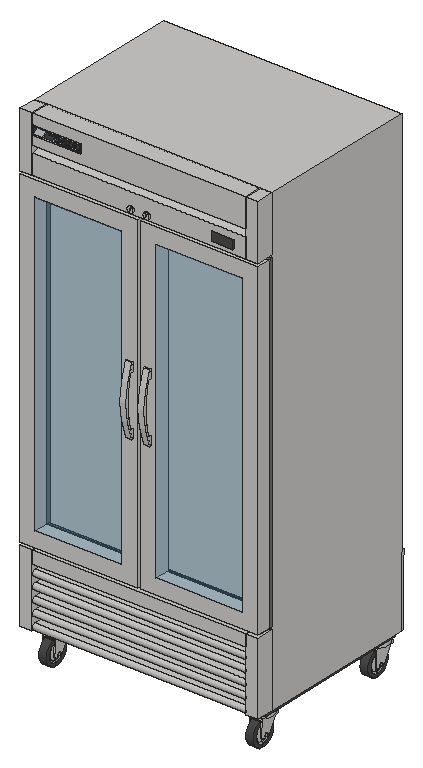
Revit family "QF_TRUE_T-35G-HC~FGD01", category Specialty Equipment, Revit 2015
Parameters
  Weight in Pounds = 380
  Watts = Volts * FL Amps  # 644 W
  Volts = 115 V
  URL Cutsheet = ""
  Specification by User = ""
  Specification by Manufacturer = ""
  Show Logo [instance] = yes
  Show Clearance [instance] = yes
  Show 6 Inches Standard Legs [instance] = no
  Show 6 Inches Seismic Flanged Legs [instance] = no
  Show 5 Inches Castors [instance] = if(Show 6 Inches Seismic Flanged Legs, Show 6 Inches Standard Legs, not(Show 6 Inches Standard Legs))  # yes
  Serial Number = ""
  Seismic Rating = ""
  SMACNA No = ""
  Revision Code = ""
  Phase = 1
  Overall Height [instance] = Body Height + Base Height  # 83 3/8"
  Number of Poles = 1
  NAFEM Spec ID Number = ""
  Model = "T-35G-HC~FGD01"
  Min Ckt Ampacity = 0 A
  Max Overcurrent Protection = 0 A
  Masterspec = ""
  Manufacturer = "TRUE"
  Length = 39 17/32"
  Item Number = ""
  Installed By = ""
  Identify Quantity as Lot = yes
  Height = 83 3/8"
  HP = "1/3"
  Furnished By = ""
  Foodservice Equipment Identifier = yes
  FL Amps = 5.6 A
  Electrical Remarks = ""
  Electric Connection Type = ""
  Elec Conn RI Height = 0"
  Elec Conn Connection Height = 0"
  Description = "REACH-IN GLASS SWING DOOR REFRIGERATOR WITH HYDROCARBON REFRIGERANT~FRAMED GLASS DOOR VERSION 01"
  Depth = 31 11/16"
  Cycle = 60 Hz
  Conn Plug = "NEMA 5-15P"
  Conn Conduit = yes
  CSI MasterFormat = ""
  Body Height = 78 5/16"
  Base Height [instance] = if(Show 5 Inches Castors, 5 1/16", 6")  # 5 1/16"
  Apparent Power = 0 VA
  6 Inches Standard Legs [instance] = and(Show 6 Inches Standard Legs, not(Show 5 Inches Castors))  # no
  6 Inches Seismic Flanged Legs [instance] = and(Show 6 Inches Seismic Flanged Legs, not(Show 5 Inches Castors))  # no
Reference planes (in)
  plane 1 "BACK": y = 0
  plane 2: z = 0
  plane 3 "LEFT": x = 0
  plane 4 "RIGHT": x = 39.53125
  plane 5 "FRONT": y = -29.8125
  plane 6 "TOP": z = 83.375
  plane 7 "Center Y": x = 19.76563
  plane 8 "Center X": y = -14.90625
  plane 9: z = 5.0625
  plane 10: y = -31.1875
Dimensions and locks (in)
  equal spacing: plane 3 "LEFT", plane 7 "Center Y", plane 4 "RIGHT"
  "Length": plane 3 "LEFT" to plane 4 "RIGHT"
  equal spacing: plane 5 "FRONT", plane 8 "Center X", plane 1 "BACK"
  "Depth": plane 10 to nested 1
  "Overall Height": plane 6 "TOP" to level
  nested 1 to plane 5 "FRONT" = 1 3/8"
  plane 1 "BACK" to nested 1 = 1/2"
  "Base Height": plane 9 to plane 2
  "Body Height": nested 1 to plane 9
  plane 1 "BACK" to nested 1 = 47 23/32"
  aligned and locked: level to plane 2
  aligned and locked: plane 9 to nested 1
  aligned and locked: plane 6 "TOP" to nested 1
Nested families (in)
  nested 1: "T-35G-HC-FGD01" at (0, 0, 0), Show Clearance <- "Show Clearance", Show Logo <- "Show Logo", type "T-35G-HC-FGD01"
    with Show Logo yes, Show Clearance yes
  nested 2: "CASTER-LEGS" at (2.64944, -1.5, 0) x (-1, 0, 0) z (0, 0, 1), Show Siesmic Flanged <- "6 Inches Seismic Flanged Legs", Show 6 Inches Legs <- "6 Inches Standard Legs", Show 5" Casters <- "Show 5 Inches Castors", type "CASTER-LEGS"
    with Type Mark "", Status "", Specification by User "", Show Siesmic Flanged no, Show 6" Casters no, Show 6 Inches Legs no, Show 5" Casters yes, Show 4" Casters no, Show 2.5 Standard Legs no, Show 2.5 Casters no, Revision Code "", Low Profile no, Item Number "", Installed By "", Identify Quantity as Lot yes, Furnished By "", Foodservice Equipment Identifier yes
  nested 3: "CASTER-LEGS" at (2.64944, -25.3125, 0) x (-1, 0, 0) z (0, 0, 1), Show Siesmic Flanged <- "6 Inches Seismic Flanged Legs", Show 6 Inches Legs <- "6 Inches Standard Legs", Show 5" Casters <- "Show 5 Inches Castors", type "CASTER-LEGS"
    with Type Mark "", Status "", Specification by User "", Show Siesmic Flanged no, Show 6" Casters no, Show 6 Inches Legs no, Show 5" Casters yes, Show 4" Casters no, Show 2.5 Standard Legs no, Show 2.5 Casters no, Revision Code "", Low Profile no, Item Number "", Installed By "", Identify Quantity as Lot yes, Furnished By "", Foodservice Equipment Identifier yes
  nested 4: "CASTER-LEGS" at (37.03125, -25.3125, 0) x (-1, 0, 0) z (0, 0, 1), Show Siesmic Flanged <- "6 Inches Seismic Flanged Legs", Show 6 Inches Legs <- "6 Inches Standard Legs", Show 5" Casters <- "Show 5 Inches Castors", type "CASTER-LEGS"
    with Type Mark "", Status "", Specification by User "", Show Siesmic Flanged no, Show 6" Casters no, Show 6 Inches Legs no, Show 5" Casters yes, Show 4" Casters no, Show 2.5 Standard Legs no, Show 2.5 Casters no, Revision Code "", Low Profile no, Item Number "", Installed By "", Identify Quantity as Lot yes, Furnished By "", Foodservice Equipment Identifier yes
  nested 5: "CASTER-LEGS" at (37.03125, -1.5, 0) x (-1, 0, 0) z (0, 0, 1), Show Siesmic Flanged <- "6 Inches Seismic Flanged Legs", Show 6 Inches Legs <- "6 Inches Standard Legs", Show 5" Casters <- "Show 5 Inches Castors", type "CASTER-LEGS"
    with Type Mark "", Status "", Specification by User "", Show Siesmic Flanged no, Show 6" Casters no, Show 6 Inches Legs no, Show 5" Casters yes, Show 4" Casters no, Show 2.5 Standard Legs no, Show 2.5 Casters no, Revision Code "", Low Profile no, Item Number "", Installed By "", Identify Quantity as Lot yes, Furnished By "", Foodservice Equipment Identifier yes
Connectors (in)
  electrical at (19.76562, 0.51979, 12.75), driven by "Volts", driven by "Watts"
    settings: on nested 1, index 1, voltage 115 V, apparent load 644 VA, apparent load phase1 0 VA, apparent load phase2 0 VA, apparent load phase3 0 VA, power factor 1, load classification "Other", number of poles 1, system type 30, power factor state 1, is connector primary yes, connector utility no, sub classification motor no, connector description "ELECTRICAL CONNECTION"
Definition of nested family "T-35G-HC-FGD01"
  Parameters (values of type "T-35G-HC-FGD01")
    Weight in Pounds = 0
    URL Cutsheet = ""
    Specification by User = ""
    Specification by Manufacturer = ""
    Show Logo [instance] = yes
    Show Clearance [instance] = yes
    Serial Number = ""
    Seismic Rating = ""
    SMACNA No = ""
    Revision Code = ""
    NAFEM Spec ID Number = ""
    Masterspec = ""
    Length = 39 17/32"
    Item Number = ""
    Installed By = ""
    Identify Quantity as Lot = yes
    Height = 83 3/8"
    Furnished By = ""
    Foodservice Equipment Identifier = yes
    Depth = 29 13/16"
    CSI MasterFormat = ""
  Reference planes (in)
    plane 1 "BACK": y = 0
    plane 2: z = 0
    plane 3 "LEFT": x = 0
    plane 4 "RIGHT": x = 39.53125
    plane 5 "FRONT": y = -29.8125
    plane 6 "TOP": z = 83.375
    plane 7 "Center Y": x = 19.76563
    plane 8 "Center X": y = -14.90625
    plane 9: y = -47.71875
    plane 10: z = 5.0625
    plane 11: y = 0.5
    plane 12: y = -31.1875
    plane 13: z = 6.3125
    plane 14: y = -26.8125
    plane 15: z = 74.125
    plane 16: z = 73.625
    plane 17: z = 18.3125
    plane 18: z = 18.8125
    plane 19: y = -27.3125
    plane 20: x = 18.26562
    plane 21: x = 21.26563
  Forms (in)
    Extrusion 1, solid
      sketch origin (0, -33.96589, 6.3125) x (0, -1, 0) y (1, 0, 0)
        loop
          line (-33.96589, 0) -> (-7.15339, 0) -> (-7.15339, 39.53125) -> (-33.96589, 39.53125) -> (-33.96589, 0)
      from 0 to 77.0625
    Extrusion 2, solid
      sketch origin (0, -37.99243, 74.125) x (0, -1, 0) y (1, 0, 0)
        loop
          line (-8.17993, 0) -> (-8.17993, 2) -> (-11.17993, 2) -> (-11.17993, 0) -> (-8.17993, 0)
        loop
          line (-8.17993, 39.53125) -> (-11.17993, 39.53125) -> (-11.17993, 37.53125) -> (-8.17993, 37.53125) -> (-8.17993, 39.53125)
      from 0 to 9.25
    Extrusion 3, solid
      sketch origin (2, -29.8125, 74.125) x (0, 1, 0) y (0, 0, 1)
        loop
          line (0, 9.25) -> (0, 4.5) -> (3, 3.91746) -> (3, 9.25) -> (0, 9.25)
      from 0 to 35.53125
    Extrusion 4, solid
      sketch origin (2, -29.8125, 69.625) x (0, 1, 0) y (0, 0, 1)
        loop
          line (0, 7.83491) -> (0, 4.5) -> (3, 4.5) -> (3, 8.41746) -> (0, 7.83491)
      from 0 to 35.53125
    Extrusion 5, solid
      sketch origin (0, -33.96589, 6.3125) x (0, -1, 0) y (1, 0, 0)
        loop
          line (-7.15339, 2) -> (-7.15339, 0) -> (-4.15339, 0) -> (-4.15339, 2) -> (-7.15339, 2)
        loop
          line (-7.15339, 37.53125) -> (-4.15339, 37.53125) -> (-4.15339, 39.53125) -> (-7.15339, 39.53125) -> (-7.15339, 37.53125)
      from 0 to 12
    Extrusion 6, solid
      sketch origin (2, -26.8125, 6.3125) x (0, -1, 0) y (0, 0, -1)
        loop
          line (0, -12) -> (3, -12) -> (3, -10) -> (0, -10) -> (0, -12)
      from 0 to 35.53125
    Extrusion 7, solid
      sketch origin (0, -27.3125, 84.39702) x (0, 0, 1) y (1, 0, 0)
        loop
          line (-65.58452, 0) -> (-10.77202, 0) -> (-10.77202, 19.51562) -> (-65.58452, 19.51562) -> (-65.58452, 0)
        loop
          line (-10.77202, 39.53125) -> (-65.58452, 39.53125) -> (-65.58452, 20.01562) -> (-10.77202, 20.01562) -> (-10.77202, 39.53125)
        loop
          line (-13.27202, 2.5) -> (-13.27202, 17.01562) -> (-63.08452, 17.01562) -> (-63.08452, 2.5) -> (-13.27202, 2.5)
        loop
          line (-13.27202, 22.51562) -> (-13.27202, 37.03125) -> (-63.08452, 37.03125) -> (-63.08452, 22.51562) -> (-13.27202, 22.51562)
      from 0 to -2.5
    Extrusion 8, solid
      sketch origin (18.26562, -180, 71.125) x (0, 0, 1) y (0, -1, 0)
        loop
          line (-18.90608, -150.1875) -> (-18.90608, -149.90871)
          arc (-18.90608, -149.90871) -> (-24.625, -148.8125) -> (-30.34392, -149.90871) r 15.46591
          line (-30.34392, -149.90871) -> (-30.34392, -150.1875) -> (-28.80717, -150.1875) -> (-28.80717, -149.64853)
          arc (-28.80717, -149.64853) -> (-24.625, -149.0625) -> (-20.44283, -149.64853) r 15.21591
          line (-20.44283, -149.64853) -> (-20.44283, -150.1875) -> (-18.90608, -150.1875)
      from -0.5 to 0.5
    Extrusion 9, solid
      sketch origin (21.26563, -180, 68.625) x (0, 0, 1) y (0, 1, 0)
        loop
          line (-16.40608, 150.1875) -> (-17.94283, 150.1875) -> (-17.94283, 149.64853)
          arc (-17.94283, 149.64853) -> (-22.125, 149.0625) -> (-26.30717, 149.64853) r 15.21591
          line (-26.30717, 149.64853) -> (-26.30717, 150.1875) -> (-27.84392, 150.1875) -> (-27.84392, 149.90871)
          arc (-27.84392, 149.90871) -> (-22.125, 148.8125) -> (-16.40608, 149.90871) r 15.46591
          line (-16.40608, 149.90871) -> (-16.40608, 150.1875)
      from -0.5 to 0.5
    Extrusion 10, solid
      sketch origin (-38.39759, -27.3125, 21.3125) x (1, 0, 0) y (0, 1, 0)
        loop
          line (55.41322, 0) -> (40.89759, 0) -> (40.89759, -2.5) -> (55.41322, -2.5) -> (55.41322, 0)
        loop
          line (60.91322, 0) -> (60.91322, -2.5) -> (75.42884, -2.5) -> (75.42884, 0) -> (60.91322, 0)
      from 0 to 49.8125
    Extrusion 11, solid
      sketch origin (2, -26.8125, 6.3125) x (0, -1, 0) y (0, 0, -1)
        loop
          line (2.5, 0) -> (0, 0) -> (0, -1) -> (2.5, -1)
          arc (2.5, -1) -> (3, -0.5) -> (2.5, 0) r 0.5
        loop
          line (2.5, -2) -> (0, -2) -> (0, -3) -> (2.5, -3)
          arc (2.5, -3) -> (3, -2.5) -> (2.5, -2) r 0.5
        loop
          line (2.5, -4) -> (0, -4) -> (0, -5) -> (2.5, -5)
          arc (2.5, -5) -> (3, -4.5) -> (2.5, -4) r 0.5
        loop
          line (2.5, -6) -> (0, -6) -> (0, -7) -> (2.5, -7)
          arc (2.5, -7) -> (3, -6.5) -> (2.5, -6) r 0.5
        loop
          line (2.5, -8) -> (0, -8) -> (0, -9) -> (2.5, -9)
          arc (2.5, -9) -> (3, -8.5) -> (2.5, -8) r 0.5
      from 0 to 35.53125
    Extrusion 12, solid
      sketch origin (-7.22732, -180, 5.0625) x (-1, 0, 0) y (0, -1, 0)
        loop
          line (-8.37676, -180) -> (-8.37676, -153.1875) -> (-45.75857, -153.1875) -> (-45.75857, -180) -> (-8.37676, -180)
      from 0 to 1.25
    Extrusion 13, solid
      sketch origin (2, -29.8125, 78.875) x (0, 0, -1) y (1, 0, 0)
        loop
          line (2.53506, 29.90864) -> (4, 29.90864) -> (4, 33.53125) -> (2.53506, 33.53125) -> (2.53506, 29.90864)
      from 0 to 0.125
    Extrusion 14, solid
      sketch origin (2, -29.8125, 78.875) x (0, 0, -1) y (1, 0, 0)
        loop
          circle (4.0597, 16.43831) r 0.5
        loop
          circle (4.0597, 16.43831) r 0.14945
        loop
          circle (4.0597, 19.09294) r 0.5
        loop
          circle (4.0597, 19.09294) r 0.14945
      from 0 to 0.125
    Extrusion 15, solid, visible <- "Show Clearance", detail levels coarse
      sketch origin (0, -37.99243, 18.8125) x (0, -1, 0) y (1, 0, 0)
        loop
          line (-8.17993, 0) -> (9.72632, 0)
          arc (9.72632, 0) -> (5.05183, 13.68361) -> (-8.17993, 19.51562) r 18.00414
          line (-8.17993, 19.51562) -> (-8.17993, 0)
        loop
          line (-8.17993, 39.53125) -> (-8.17993, 20.01563)
          arc (-8.17993, 20.01563) -> (5.05183, 25.84764) -> (9.72632, 39.53125) r 18.00414
          line (9.72632, 39.53125) -> (-8.17993, 39.53125)
      from 0 to 54.8125
    Extrusion 16, solid
      sketch origin (0, 0, 0) x (0, 1, 0) y (0, 0, 1)
        loop
          line (0, 6.3125) -> (0.39479, 6.3125) -> (0.39479, 17.41122) -> (0.5, 17.41122) -> (0.5, 17.72444) -> (0.39479, 17.72444) -> (0.39479, 17.97444) -> (0.5, 17.97444) -> (0.5, 18.3125) -> (0.25, 18.3125) -> (0.16449, 18.07758) -> (0, 18.07758) -> (0, 6.3125)
      from 0 to 39.53125
    Extrusion 17, solid
      sketch origin (0, 0.39479, 17.41122) x (0, 0, -1) y (-1, 0, 0)
        loop
          circle (4.66122, -19.76562) r 0.25
      from 0 to 0.125
    Extrusion 18, solid
      sketch origin (39.53125, -26.8125, 6.3125) x (-1, 0, 0) y (0, 0, -1)
        loop
          line (0, -67.3125) -> (39.53125, -67.3125) -> (39.53125, -12.5) -> (0, -12.5) -> (0, -67.3125)
        loop
          line (37.03125, -64.8125) -> (37.03125, -15) -> (2.5, -15) -> (2.5, -64.8125) -> (37.03125, -64.8125)
      from 0 to 0.5
    Extrusion 19, solid
      sketch origin (39.58151, -26.8125, 18.8125) x (0, 1, 0) y (1, 0, 0)
        loop
          line (0, -1.157) -> (0, -0.21392) -> (-2.06523, -0.25589)
          arc (-2.06523, -0.25589) -> (-2.48736, -0.68546) -> (-2.06523, -1.11503) r 0.42963
          line (-2.06523, -1.11503) -> (0, -1.157)
        loop
          circle (-2.05773, -0.68546) r 0.25
      from 0 to 0.22057
    Extrusion 20, solid
      sketch origin (39.58151, -26.8125, 18.8125) x (0, 1, 0) y (1, 0, 0)
        loop
          circle (-2.05773, -0.68546) r 0.25
      from 0 to 0.31257
    Extrusion 21, solid
      sketch origin (14.46875, -26.46875, 73.625) x (1, 0, 0) y (0, 1, 0)
        loop
          line (24.5625, -1.62139) -> (21.0974, -1.62139) -> (21.0974, -2.6725) -> (24.5625, -2.6725) -> (24.5625, -1.62139)
        loop
          circle (24.12704, -2.16728) r 0.25
        loop
          circle (22.47678, -2.15567) r 0.25
        loop
          circle (21.47678, -2.15567) r 0.25
      from 0 to 0.22057
    Extrusion 22, solid
      sketch origin (14.46875, -26.46875, 73.625) x (1, 0, 0) y (0, 1, 0)
        loop
          circle (22.47678, -2.15567) r 0.25
        loop
          circle (21.47678, -2.15567) r 0.25
      from 0 to 0.31015
    Extrusion 23, solid
      sketch origin (14.46875, -26.46875, 73.625) x (1, 0, 0) y (0, 1, 0)
        loop
          circle (24.12704, -2.16728) r 0.25
      from 0 to 0.49477
    Extrusion 24, solid
      sketch origin (39.28125, -26.8125, 74.11977) x (-1, 0, 0) y (0, 1, 0)
        loop
          line (0.22917, -2.35477) -> (1.22917, -2.35477) -> (1.18806, 0) -> (0.27027, 0) -> (0.22917, -2.35477)
        loop
          circle (0.6841, -1.82353) r 0.25
      from 0 to 0.1875
    Extrusion 25, solid
      sketch origin (-0.05026, -26.8125, 18.8125) x (0, -1, 0) y (-1, 0, 0)
        loop
          line (0, -1.157) -> (2.06523, -1.11503)
          arc (2.06523, -1.11503) -> (2.48736, -0.68546) -> (2.06523, -0.25589) r 0.42963
          line (2.06523, -0.25589) -> (0, -0.21392) -> (0, -1.157)
        loop
          circle (2.05773, -0.68546) r 0.25
      from 0 to 0.22057
    Extrusion 26, solid
      sketch origin (-0.05026, -26.8125, 18.8125) x (0, -1, 0) y (-1, 0, 0)
        loop
          circle (2.05773, -0.68546) r 0.25
      from 0 to 0.31257
    Extrusion 27, solid
      sketch origin (25.0625, -26.46875, 73.625) x (-1, 0, 0) y (0, -1, 0)
        loop
          line (24.5625, 1.62139) -> (24.5625, 2.6725) -> (21.0974, 2.6725) -> (21.0974, 1.62139) -> (24.5625, 1.62139)
        loop
          circle (24.12704, 2.16728) r 0.25
        loop
          circle (22.47678, 2.15567) r 0.25
        loop
          circle (21.47678, 2.15567) r 0.25
      from 0 to 0.22057
    Extrusion 28, solid
      sketch origin (25.0625, -26.46875, 73.625) x (-1, 0, 0) y (0, -1, 0)
        loop
          circle (22.47678, 2.15567) r 0.25
        loop
          circle (21.47678, 2.15567) r 0.25
      from 0 to 0.31015
    Extrusion 29, solid
      sketch origin (25.0625, -26.46875, 73.625) x (-1, 0, 0) y (0, -1, 0)
        loop
          circle (24.12704, 2.16728) r 0.25
      from 0 to 0.49477
    Extrusion 30, solid
      sketch origin (0.25, -26.8125, 74.11977) x (-1, 0, 0) y (0, 1, 0)
        loop
          line (-0.22917, -2.35477) -> (-0.27027, 0) -> (-1.18806, 0) -> (-1.22917, -2.35477) -> (-0.22917, -2.35477)
        loop
          circle (-0.6841, -1.82353) r 0.25
      from 0 to 0.1875
  Lines and regions (in)
    symbolic lines
      curve 1: line (39.53125, 0.5, 6.3125) -> (0, 0.5, 6.3125)
      curve 2: line (0, 0.5, 6.3125) -> (0, -29.8125, 6.3125)
      curve 3: line (39.53125, 0.5, 6.3125) -> (39.53125, -29.8125, 6.3125)
      curve 4: line (39.53125, -26.8125, 6.3125) -> (0, -26.8125, 6.3125)
      curve 5: line (2, -29.8125, 6.3125) -> (2, -26.8125, 6.3125)
      curve 6: line (0, -29.8125, 6.3125) -> (39.53125, -29.8125, 6.3125)
      curve 7: line (37.53125, -26.8125, 6.3125) -> (37.53125, -29.8125, 6.3125)
      curve 8: line (17.76562, -29.8125, 6.3125) -> (17.76562, -31.1875, 6.3125)
      curve 9: line (18.76562, -31.1875, 6.3125) -> (18.76562, -29.8125, 6.3125)
      curve 10: line (20.76563, -29.8125, 6.3125) -> (20.76563, -31.1875, 6.3125)
      curve 11: line (21.76563, -31.1875, 6.3125) -> (21.76563, -29.8125, 6.3125)
      curve 12: line (21.76563, -31.1875, 6.3125) -> (20.76563, -31.1875, 6.3125)
      curve 13: line (18.76562, -31.1875, 6.3125) -> (17.76562, -31.1875, 6.3125)
      curve 18: line (39.53125, 0, 6.3125) -> (0, 0, 6.3125)
    symbolic lines, visible <- "Show Clearance"
      curve 14: line (0, -29.8125, 6.3125) -> (16.69597, -39.45192, 6.3125)
      curve 15: arc (16.69597, -39.45192, 6.3125) -> (18.79156, -34.8328, 6.3125) -> (19.51562, -29.8125, 6.3125) r 18.00414
      curve 16: line (39.53125, -29.8125, 6.3125) -> (22.83528, -39.45192, 6.3125)
      curve 17: arc (22.83528, -39.45192, 6.3125) -> (20.73969, -34.8328, 6.3125) -> (20.01563, -29.8125, 6.3125) r 18.00414
  Dimensions and locks (in)
    equal spacing: plane 3 "LEFT", plane 7 "Center Y", plane 4 "RIGHT"
    "Length": plane 3 "LEFT" to plane 4 "RIGHT"
    equal spacing: plane 5 "FRONT", plane 8 "Center X", plane 1 "BACK"
    "Depth": plane 5 "FRONT" to plane 1 "BACK"
    "Height": plane 6 "TOP" to level
    plane 9 to plane 5 "FRONT" = 17 29/32"
    plane 9 to plane 1 "BACK" = 47 23/32"
    plane 10 to plane 2 = 5 1/16"
    plane 6 "TOP" to plane 10 = 78 5/16"
    plane 1 "BACK" to plane 11 = 1/2"
    plane 5 "FRONT" to plane 1 "BACK" = 29 13/16"
    plane 12 to plane 5 "FRONT" = 1 3/8"
    plane 12 to plane 11 = 31 11/16"
    aligned and locked: level to plane 2
  Automatic sketch dimensions
    plane 1 "BACK" to Extrusion 1 sketch curve = 0"
    Extrusion 1 sketch curve to plane 3 "LEFT" = 0"
    Extrusion 1 sketch curve to plane 14 = 0"
    Extrusion 1 sketch curve to plane 4 "RIGHT" = 0"
    Extrusion 2 sketch curve to plane 14 = 0"  (x2)
    Extrusion 2 sketch curve to plane 3 "LEFT" = 0"
    plane 5 "FRONT" to Extrusion 2 sketch curve = 0"  (x2)
    Extrusion 2 sketch curve to plane 4 "RIGHT" = 0"
    plane 3 "LEFT" to Extrusion 2 sketch curve = 2"
    Extrusion 2 sketch curve to Extrusion 2 sketch curve = 2"
    Extrusion 3 sketch curve to Extrusion 2 = 0"  (x2)
    Extrusion 2 to Extrusion 3 sketch curve = 0"
    Extrusion 2 to Extrusion 3 sketch curve = 4 1/2"
    Extrusion 3 sketch curve to Extrusion 3 sketch curve = 0.58254"
    Extrusion 4 sketch curve to Extrusion 2 = 0"  (x3)
    Extrusion 2 to Extrusion 4 sketch curve = 3.33491"
    Extrusion 4 sketch curve to Extrusion 4 sketch curve = 0.58254"
    Extrusion 5 sketch curve to plane 14 = 0"  (x2)
    Extrusion 5 sketch curve to plane 4 "RIGHT" = 0"
    plane 5 "FRONT" to Extrusion 5 sketch curve = 0"  (x2)
    Extrusion 5 sketch curve to plane 3 "LEFT" = 0"
    plane 3 "LEFT" to Extrusion 5 sketch curve = 2"
    Extrusion 5 sketch curve to Extrusion 5 sketch curve = 2"
    Extrusion 6 sketch curve to Extrusion 5 = 0"  (x3)
    Extrusion 5 to Extrusion 6 sketch curve = 2"
    Extrusion 7 sketch curve to plane 3 "LEFT" = 0"
    Extrusion 7 sketch curve to plane 18 = 0"  (x2)
    Extrusion 7 sketch curve to plane 16 = 0"  (x2)
    plane 4 "RIGHT" to Extrusion 7 sketch curve = 0"
    plane 18 to Extrusion 7 sketch curve = 2 1/2"  (x2)
    Extrusion 7 sketch curve to plane 16 = 2 1/2"  (x2)
    plane 3 "LEFT" to Extrusion 7 sketch curve = 2 1/2"
    Extrusion 7 sketch curve to plane 20 = 1 1/4"
    Extrusion 7 sketch curve to plane 7 "Center Y" = 1/4"
    plane 7 "Center Y" to Extrusion 7 sketch curve = 1/4"
    Extrusion 7 sketch curve to plane 21 = 1 1/4"
    plane 4 "RIGHT" to Extrusion 7 sketch curve = 2 1/2"
    Extrusion 8 sketch curve to Extrusion 8 sketch curve = 0"  (x2)
    Extrusion 8 sketch curve to plane 5 "FRONT" = 0"  (x2)
    plane 18 to Extrusion 8 sketch curve = 21.96858"
    Extrusion 8 sketch curve to Extrusion 8 sketch curve = 1.53676"  (x2)
    Extrusion 8 sketch curve to plane 8 "Center X" = 0.81534"
    Extrusion 8 sketch curve to Extrusion 8 sketch curve = 4.18217"
    Extrusion 8 sketch curve to Extrusion 8 sketch curve = 8.36433"
    plane 5 "FRONT" to Extrusion 8 sketch curve = 0.27879"
    plane 5 "FRONT" to Extrusion 8 sketch curve = 0.53897"
    Extrusion 9 sketch curve to Extrusion 9 sketch curve = 0"  (x2)
    Extrusion 9 sketch curve to plane 5 "FRONT" = 0"  (x2)
    Extrusion 9 sketch curve to plane 18 = 21.96858"
    Extrusion 9 sketch curve to Extrusion 9 sketch curve = 1.53676"  (x2)
    plane 8 "Center X" to Extrusion 9 sketch curve = 0.81534"
    Extrusion 9 sketch curve to Extrusion 9 sketch curve = 4.18217"
    Extrusion 9 sketch curve to Extrusion 9 sketch curve = 8.36433"
    Extrusion 9 sketch curve to plane 5 "FRONT" = 0.27879"
    Extrusion 9 sketch curve to plane 5 "FRONT" = 0.53897"
    Extrusion 10 sketch curve to Extrusion 7 = 0"  (x4)
    Extrusion 7 to Extrusion 10 sketch curve = 0"  (x2)
    Extrusion 7 to Extrusion 10 sketch curve = 5 1/2"
    Extrusion 10 sketch curve to Extrusion 10 sketch curve = 14 33/64"
    Extrusion 11 sketch curve to Extrusion 5 = 0"  (x6)
    Extrusion 11 sketch curve to Extrusion 5 = 1/2"  (x5)
    Extrusion 11 sketch curve to Extrusion 11 sketch curve = 1/2"  (x5)
    Extrusion 11 sketch curve to Extrusion 11 sketch curve = 1"  (x4)
    plane 1 "BACK" to Extrusion 12 sketch curve = 0"
    Extrusion 12 sketch curve to plane 14 = 0"
    plane 4 "RIGHT" to Extrusion 12 sketch curve = 1"
    plane 3 "LEFT" to Extrusion 12 sketch curve = 1.14944"
    Extrusion 13 sketch curve to Extrusion 4 = 1.11997"
    Extrusion 4 to Extrusion 13 sketch curve = 3/4"
    Extrusion 4 to Extrusion 13 sketch curve = 5.62261"
    Extrusion 4 to Extrusion 13 sketch curve = 2"
    Extrusion 14 sketch curve to Extrusion 14 sketch curve = 0"  (x4)
    Extrusion 4 to Extrusion 14 sketch curve = 0.6903"  (x2)
    Extrusion 4 to Extrusion 14 sketch curve = 16.43831"
    Extrusion 14 sketch curve to Extrusion 14 sketch curve = 2.65463"
    Extrusion 15 sketch curve to plane 4 "RIGHT" = 0"
    plane 5 "FRONT" to Extrusion 15 sketch curve = 0"  (x2)
    Extrusion 15 sketch curve to plane 3 "LEFT" = 0"
    Extrusion 15 sketch curve to plane 9 = 0"  (x2)
    Extrusion 15 sketch curve to plane 5 "FRONT" = 0.03433"  (x2)
    plane 3 "LEFT" to Extrusion 15 sketch curve = 1.51152"
    plane 7 "Center Y" to Extrusion 15 sketch curve = 1/4"
    Extrusion 16 sketch curve to plane 1 "BACK" = 0"
    plane 17 to Extrusion 16 sketch curve = 0"
    Extrusion 16 sketch curve to plane 13 = 0"
    Extrusion 16 sketch curve to plane 11 = 0"  (x2)
    Extrusion 16 sketch curve to Extrusion 16 sketch curve = 0.16449"
    Extrusion 16 sketch curve to Extrusion 16 sketch curve = 1/4"  (x2)
    Extrusion 16 sketch curve to plane 11 = 0.10521"
    Extrusion 16 sketch curve to Extrusion 16 sketch curve = 0.10521"
    Extrusion 16 sketch curve to plane 17 = 0.90128"
    Extrusion 16 sketch curve to Extrusion 16 sketch curve = 0.31323"
    Extrusion 16 sketch curve to plane 17 = 0.23492"
    curve 1 to plane 3 "LEFT" = 0"
    curve 1 to plane 11 = 0"
    plane 1 "BACK" to curve 18 = 0"
    curve 4 to plane 14 = 0"
    curve 6 to plane 4 "RIGHT" = 0"
    plane 5 "FRONT" to curve 6 = 0"
    curve 13 to plane 12 = 0"
    curve 12 to plane 12 = 0"
    curve 17 to plane 5 "FRONT" = 0.03433"
    curve 15 to plane 5 "FRONT" = 0.03433"
    curve 14 to plane 20 = 1.56965"
    curve 14 to plane 12 = 8.26442"
    curve 16 to plane 21 = 1.56965"
    curve 15 to curve 16 = 0"
    plane 3 "LEFT" to curve 15 = 1.51152"
    curve 13 to plane 20 = 1/2"
    plane 20 to curve 9 = 1/2"
    plane 21 to curve 10 = 1/2"
    curve 11 to plane 21 = 1/2"
    plane 4 "RIGHT" to curve 17 = 1.51152"
    plane 3 "LEFT" to curve 5 = 2"
    curve 7 to curve 4 = 2"
    Extrusion 17 sketch curve to Extrusion 16 = 4.66122"
    Extrusion 16 to Extrusion 17 sketch curve = 19 49/64"
    Extrusion 18 sketch curve to Extrusion 1 = 0"  (x2)
    Extrusion 18 sketch curve to Extrusion 1 = 2 1/2"
    Extrusion 1 to Extrusion 18 sketch curve = 2 1/2"
    Extrusion 1 to Extrusion 18 sketch curve = 9 3/4"
    Extrusion 18 sketch curve to Extrusion 18 sketch curve = 2 1/2"  (x2)
    Extrusion 1 to Extrusion 18 sketch curve = 15"
    Extrusion 19 sketch curve to Extrusion 19 sketch curve = 0"  (x2)
    Extrusion 19 sketch curve to plane 14 = 0"
    Extrusion 19 sketch curve to plane 5 "FRONT" = 0.94227"
    plane 4 "RIGHT" to Extrusion 19 sketch curve = 0.20563"
    Extrusion 19 sketch curve to Extrusion 19 sketch curve = 0.0075"  (x2)
    plane 4 "RIGHT" to Extrusion 19 sketch curve = 0.16366"
    Extrusion 19 sketch curve to Extrusion 19 sketch curve = 0.42957"
    Extrusion 19 sketch curve to Extrusion 19 sketch curve = 0.94308"
    Extrusion 20 sketch curve to plane 5 "FRONT" = 0.94227"
    plane 4 "RIGHT" to Extrusion 20 sketch curve = 0.6352"
    Extrusion 21 sketch curve to plane 5 "FRONT" = 0.67125"
    plane 4 "RIGHT" to Extrusion 21 sketch curve = 3.9651"
    Extrusion 21 sketch curve to Extrusion 21 sketch curve = 0.37938"
    Extrusion 21 sketch curve to Extrusion 21 sketch curve = 1"
    plane 4 "RIGHT" to Extrusion 21 sketch curve = 0.93546"
    plane 4 "RIGHT" to Extrusion 21 sketch curve = 1/2"
    Extrusion 21 sketch curve to Extrusion 21 sketch curve = 0.50522"
    Extrusion 21 sketch curve to plane 5 "FRONT" = 1.18808"
    Extrusion 21 sketch curve to Extrusion 21 sketch curve = 0.51683"
    Extrusion 21 sketch curve to Extrusion 21 sketch curve = 0.53428"
    Extrusion 22 sketch curve to plane 5 "FRONT" = 1.18808"
    plane 4 "RIGHT" to Extrusion 22 sketch curve = 3.58572"
    Extrusion 22 sketch curve to Extrusion 22 sketch curve = 1"
    Extrusion 22 sketch curve to Extrusion 22 sketch curve = 0"
    Extrusion 23 sketch curve to Extrusion 23 sketch curve = 0"  (x2)
    plane 4 "RIGHT" to Extrusion 23 sketch curve = 0.93546"
    Extrusion 23 sketch curve to plane 5 "FRONT" = 1.17647"
    Extrusion 23 sketch curve to Extrusion 23 sketch curve = 1/4"
    Extrusion 24 sketch curve to plane 14 = 0"
    plane 4 "RIGHT" to Extrusion 24 sketch curve = 0.47917"
    plane 4 "RIGHT" to Extrusion 24 sketch curve = 0.52027"
    Extrusion 24 sketch curve to Extrusion 24 sketch curve = 0.45494"
    Extrusion 24 sketch curve to Extrusion 24 sketch curve = 0.91779"
    Extrusion 24 sketch curve to plane 5 "FRONT" = 0.64523"
    Extrusion 24 sketch curve to Extrusion 24 sketch curve = 0.54506"
    Extrusion 24 sketch curve to Extrusion 24 sketch curve = 17/32"
    Extrusion 25 sketch curve to Extrusion 25 sketch curve = 0"  (x2)
    Extrusion 25 sketch curve to plane 14 = 0"
    Extrusion 25 sketch curve to plane 5 "FRONT" = 0.94227"
    plane 3 "LEFT" to Extrusion 25 sketch curve = 0.20563"
    Extrusion 25 sketch curve to Extrusion 25 sketch curve = 0.0075"  (x2)
    plane 3 "LEFT" to Extrusion 25 sketch curve = 0.16366"
    Extrusion 25 sketch curve to Extrusion 25 sketch curve = 0.42957"
    Extrusion 25 sketch curve to Extrusion 25 sketch curve = 0.94308"
    Extrusion 26 sketch curve to plane 5 "FRONT" = 0.94227"
    plane 3 "LEFT" to Extrusion 26 sketch curve = 0.6352"
    Extrusion 27 sketch curve to plane 5 "FRONT" = 0.67125"
    plane 3 "LEFT" to Extrusion 27 sketch curve = 3.9651"
    Extrusion 27 sketch curve to Extrusion 27 sketch curve = 0.37938"
    Extrusion 27 sketch curve to Extrusion 27 sketch curve = 1"
    plane 3 "LEFT" to Extrusion 27 sketch curve = 0.93546"
    plane 3 "LEFT" to Extrusion 27 sketch curve = 1/2"
    Extrusion 27 sketch curve to Extrusion 27 sketch curve = 0.50522"
    Extrusion 27 sketch curve to Extrusion 27 sketch curve = 0.51683"
    Extrusion 27 sketch curve to Extrusion 27 sketch curve = 0"
    Extrusion 27 sketch curve to Extrusion 27 sketch curve = 0.5459"
    Extrusion 28 sketch curve to plane 5 "FRONT" = 1.18808"
    plane 3 "LEFT" to Extrusion 28 sketch curve = 3.58572"
    Extrusion 28 sketch curve to Extrusion 28 sketch curve = 1"
    Extrusion 28 sketch curve to Extrusion 28 sketch curve = 0"
    Extrusion 29 sketch curve to Extrusion 29 sketch curve = 0"  (x2)
    plane 3 "LEFT" to Extrusion 29 sketch curve = 0.93546"
    Extrusion 29 sketch curve to plane 5 "FRONT" = 1.17647"
    Extrusion 29 sketch curve to Extrusion 29 sketch curve = 1/4"
    Extrusion 30 sketch curve to plane 14 = 0"
    Extrusion 30 sketch curve to plane 5 "FRONT" = 0.64523"
    plane 3 "LEFT" to Extrusion 30 sketch curve = 1.47917"
    plane 3 "LEFT" to Extrusion 30 sketch curve = 1.43806"
    Extrusion 30 sketch curve to Extrusion 30 sketch curve = 0.54506"
    plane 3 "LEFT" to Extrusion 30 sketch curve = 0.52027"
    plane 3 "LEFT" to Extrusion 30 sketch curve = 0.47917"
    Extrusion 30 sketch curve to Extrusion 30 sketch curve = 17/32"
    radius of Extrusion 14 sketch curve = 1/2"  (x2)
    radius of Extrusion 14 sketch curve = 0.14945"  (x2)
    radius of Extrusion 17 sketch curve = 1/4"
    radius of Extrusion 19 sketch curve = 1/4"
    radius of Extrusion 20 sketch curve = 1/4"
    radius of Extrusion 21 sketch curve = 1/4"  (x3)
    radius of Extrusion 22 sketch curve = 1/4"  (x2)
    radius of Extrusion 24 sketch curve = 1/4"
    radius of Extrusion 25 sketch curve = 1/4"
    radius of Extrusion 26 sketch curve = 1/4"
    radius of Extrusion 27 sketch curve = 1/4"  (x3)
    radius of Extrusion 28 sketch curve = 1/4"  (x2)
    radius of Extrusion 30 sketch curve = 1/4"
  Nested families (in)
    nested 1: "QF_LOGO_TRUE" at (2.09375, -29.8125, 80.18271), Show Logo <- "Show Logo", type "QF_LOGO_TRUE", detail levels medium+fine
      with Show Logo yes
  Definition of nested family "QF_LOGO_TRUE"
    Parameters
      Show Logo [instance] = yes
    Reference planes (in)
      plane 1 "Center (Front/Back)": y = 0
      plane 2: z = 0
      plane 3 "Center (Left/Right)": x = 0
    Forms (in)
      Extrusion 1, solid, visible <- "Show Logo"
        sketch origin (-78.34647, 34.76905, -30.51001) x (1, 0, 0) y (0, 0, 1)
          loop
            line (81.15226, 31.65456) -> (81.07353, 31.48573) -> (82.12083, 31.48573)
            arc (82.12083, 31.48573) -> (82.14208, 31.44814) -> (82.12083, 31.41055) r 0.04386
            line (82.12083, 31.41055) -> (81.84767, 30.82478)
            arc (81.84767, 30.82478) -> (81.84531, 30.77052) -> (81.882, 30.73048) r 0.07096
            line (81.882, 30.73048) -> (82.55165, 30.73048)
            arc (82.55165, 30.73048) -> (82.63621, 30.75714) -> (82.69019, 30.82748) r 0.14742
            line (82.69019, 30.82748) -> (82.90515, 31.28847) -> (83.10265, 31.28847)
            arc (83.10265, 31.28847) -> (83.15447, 31.26942) -> (83.14697, 31.21472) r 0.04405
            line (83.14697, 31.21472) -> (82.9671, 30.82899)
            arc (82.9671, 30.82899) -> (82.9699, 30.76493) -> (83.02398, 30.73048) r 0.06943
            line (83.02398, 30.73048) -> (83.6124, 30.73048)
            arc (83.6124, 30.73048) -> (83.65748, 30.74689) -> (83.68147, 30.78844) r 0.07014
            arc (83.68147, 30.78844) -> (83.69845, 30.74745) -> (83.73943, 30.73048) r 0.05796
            line (83.73943, 30.73048) -> (84.112, 30.73048)
            arc (84.112, 30.73048) -> (84.15504, 30.74201) -> (84.18655, 30.77352) r 0.08608
            arc (84.18655, 30.77352) -> (84.20164, 30.7371) -> (84.23806, 30.72202) r 0.0515
            line (84.23806, 30.72202) -> (84.76757, 30.72202)
            arc (84.76757, 30.72202) -> (84.81086, 30.73995) -> (84.8288, 30.78324) r 0.06122
            arc (84.8288, 30.78324) -> (84.86848, 30.74355) -> (84.92269, 30.72903) r 0.10842
            line (84.92269, 30.72903) -> (85.91461, 30.72903) -> (86.02479, 30.91987) -> (85.0243, 30.91987)
            arc (85.0243, 30.91987) -> (84.99669, 30.93902) -> (84.99566, 30.97261) r 0.03732
            line (84.99566, 30.97261) -> (85.01297, 31.00972)
            arc (85.01297, 31.00972) -> (85.03954, 31.04453) -> (85.0813, 31.05774) r 0.07263
            line (85.0813, 31.05774) -> (85.40289, 31.05774)
            arc (85.40289, 31.05774) -> (85.4723, 31.07633) -> (85.52311, 31.12715) r 0.13882
            line (85.52311, 31.12715) -> (85.61625, 31.28847)
            arc (85.61625, 31.28847) -> (85.61625, 31.37458) -> (85.54168, 31.41763) r 0.08611
            line (85.54168, 31.41763) -> (85.20227, 31.41763)
            arc (85.20227, 31.41763) -> (85.11574, 31.40294) -> (85.05538, 31.33923) r 0.13863
            line (85.05538, 31.33923) -> (84.89409, 30.99333)
            arc (84.89409, 30.99333) -> (84.84649, 30.9313) -> (84.77191, 30.90778) r 0.13002
            line (84.77191, 30.90778) -> (84.41984, 30.90778)
            arc (84.41984, 30.90778) -> (84.3777, 30.95378) -> (84.38042, 31.0161) r 0.08151
            line (84.38042, 31.0161) -> (84.56766, 31.41763) -> (84.44849, 31.41763) -> (84.25012, 30.99222)
            arc (84.25012, 30.99222) -> (84.21158, 30.94199) -> (84.15119, 30.92296) r 0.10527
            line (84.15119, 30.92296) -> (83.90842, 30.92296)
            arc (83.90842, 30.92296) -> (83.8674, 30.97642) -> (83.87619, 31.04323) r 0.08805
            line (83.87619, 31.04323) -> (84.05078, 31.41763) -> (83.92772, 31.41763) -> (83.72676, 30.98668)
            arc (83.72676, 30.98668) -> (83.68011, 30.94003) -> (83.61639, 30.92296) r 0.12745
            line (83.61639, 30.92296) -> (83.26484, 30.92296)
            arc (83.26484, 30.92296) -> (83.2017, 30.9524) -> (83.19563, 31.0218) r 0.06967
            line (83.19563, 31.0218) -> (83.31118, 31.26961) -> (83.47452, 31.26961)
            arc (83.47452, 31.26961) -> (83.50209, 31.35268) -> (83.56075, 31.41763) r 0.21289
            line (83.56075, 31.41763) -> (82.92244, 31.41763)
            arc (82.92244, 31.41763) -> (82.85151, 31.40191) -> (82.80242, 31.34834) r 0.12081
            line (82.80242, 31.34834) -> (82.6294, 30.9773)
            arc (82.6294, 30.9773) -> (82.58962, 30.93752) -> (82.53528, 30.92296) r 0.10869
            line (82.53528, 30.92296) -> (82.1542, 30.92296)
            arc (82.1542, 30.92296) -> (82.12446, 30.96315) -> (82.13012, 31.01283) r 0.06822
            line (82.13012, 31.01283) -> (82.38156, 31.48573) -> (83.01596, 31.48573) -> (83.09469, 31.65456) -> (82.46029, 31.65456) -> (82.53902, 31.8234) -> (82.31334, 31.8234) -> (82.23461, 31.65456) -> (81.15226, 31.65456)
          loop
            arc (85.15937, 31.26434) -> (85.13191, 31.25698) -> (85.1118, 31.23688) r 0.05494
            line (85.1118, 31.23688) -> (85.09547, 31.18665)
            arc (85.09547, 31.18665) -> (85.10304, 31.16837) -> (85.12133, 31.16079) r 0.02586
            line (85.12133, 31.16079) -> (85.39889, 31.16079)
            arc (85.39889, 31.16079) -> (85.41888, 31.16523) -> (85.43513, 31.1777) r 0.04731
            line (85.43513, 31.1777) -> (85.44863, 31.2402)
            arc (85.44863, 31.2402) -> (85.44466, 31.25693) -> (85.42914, 31.26434) r 0.01994
            line (85.42914, 31.26434) -> (85.15937, 31.26434)
          loop
            line (78.62961, 30.74125) -> (80.12032, 30.74125) -> (80.73891, 31.81268) -> (79.2482, 31.81268) -> (78.62961, 30.74125)
        from 34.76797 to 34.83173
      Extrusion 2, solid, visible <- "Show Logo"
        sketch origin (-142.84857, 34.75108, -33.3546) x (1, 0, 0) y (0, 0, 1)
          loop
            line (150.81107, 34.71978) -> (142.98607, 34.71978) -> (142.98607, 33.4921) -> (150.81107, 33.4921) -> (150.81107, 34.71978)
        from 34.75108 to 34.78125
      Extrusion 3, solid, visible <- "Show Logo"
        sketch origin (-142.84857, 34.75108, -33.3546) x (1, 0, 0) y (0, 0, 1)
          loop
            line (150.94857, 34.85727) -> (142.84857, 34.85727) -> (142.84857, 33.3546) -> (150.94857, 33.3546) -> (150.94857, 34.85727)
          loop
            line (142.98607, 34.71978) -> (142.98607, 33.4921) -> (150.81107, 33.4921) -> (150.81107, 34.71978) -> (142.98607, 34.71978)
        from 34.75108 to 34.81376
      Extrusion 4, solid, not visible
        sketch origin (121.45701, -16.5, 4.98235) x (1, 0, 0) y (0, 0, 1)
          loop
            line (25.20115, 35.89949) -> (25.20115, 33.96647) -> (30.95381, 33.96647) -> (30.95381, 35.89949) -> (25.20115, 35.89949)
        from 31.5 to 31.54261
      Extrusion 5, solid, not visible
        sketch origin (121.45701, -16.5, 4.98235) x (1, 0, 0) y (0, 0, 1)
          loop
            line (26.7387, 34.95472) -> (26.61492, 34.49276) -> (27.038, 34.49276)
            arc (27.038, 34.49276) -> (27.13117, 34.52484) -> (27.18485, 34.60749) r 0.15134
            arc (27.18485, 34.60749) -> (27.20396, 34.68138) -> (27.22435, 34.75493) r 4.37326
            arc (27.22435, 34.75493) -> (27.23458, 34.81765) -> (27.22435, 34.88037) r 0.1974
            arc (27.22435, 34.88037) -> (27.18247, 34.93579) -> (27.11563, 34.95472) r 0.10914
            line (27.11563, 34.95472) -> (26.7387, 34.95472)
          loop
            line (26.90201, 34.80638) -> (26.84645, 34.59903) -> (26.92855, 34.59903)
            arc (26.92855, 34.59903) -> (26.98205, 34.6185) -> (27.01051, 34.6678) r 0.08322
            line (27.01051, 34.6678) -> (27.02399, 34.74424)
            arc (27.02399, 34.74424) -> (27.01491, 34.78454) -> (26.97985, 34.80638) r 0.05353
            line (26.97985, 34.80638) -> (26.90201, 34.80638)
          loop
            line (27.45336, 34.66131) -> (27.76233, 34.66131) -> (27.78859, 34.73909)
            arc (27.78859, 34.73909) -> (27.7878, 34.82039) -> (27.73107, 34.87864) r 0.10925
            arc (27.73107, 34.87864) -> (27.68233, 34.8944) -> (27.63139, 34.89974) r 0.24595
            line (27.63139, 34.89974) -> (27.46708, 34.89974)
            arc (27.46708, 34.89974) -> (27.4068, 34.88073) -> (27.3535, 34.84677) r 0.2421
            arc (27.3535, 34.84677) -> (27.2897, 34.76363) -> (27.26702, 34.66131) r 0.2421
            line (27.26702, 34.66131) -> (27.26702, 34.54477)
            arc (27.26702, 34.54477) -> (27.31618, 34.4956) -> (27.38334, 34.47761) r 0.13431
            line (27.38334, 34.47761) -> (27.59054, 34.47761)
            arc (27.59054, 34.47761) -> (27.63459, 34.48281) -> (27.67622, 34.49812) r 0.18924
            line (27.67622, 34.49812) -> (27.73102, 34.61563)
            arc (27.73102, 34.61563) -> (27.68453, 34.59565) -> (27.63566, 34.58252) r 0.35376
            arc (27.63566, 34.58252) -> (27.55885, 34.56956) -> (27.48204, 34.58252) r 0.23415
            arc (27.48204, 34.58252) -> (27.44492, 34.61362) -> (27.45336, 34.66131) r 0.04838
          loop
            line (27.4842, 34.73042) -> (27.62012, 34.73042) -> (27.62621, 34.76496)
            arc (27.62621, 34.76496) -> (27.58961, 34.80242) -> (27.53739, 34.80638) r 0.0742
            arc (27.53739, 34.80638) -> (27.49747, 34.77773) -> (27.4842, 34.73042) r 0.0742
          loop
            line (27.91616, 34.97572) -> (27.78675, 34.49276) -> (27.98645, 34.49276) -> (28.11586, 34.97572) -> (27.91616, 34.97572)
          loop
            line (28.13678, 34.66131) -> (28.08755, 34.47761) -> (28.27134, 34.47761) -> (28.32056, 34.66131) -> (28.43674, 34.66131) -> (28.47974, 34.78864) -> (28.36519, 34.78864)
            arc (28.36519, 34.78864) -> (28.35733, 34.81649) -> (28.36921, 34.84288) r 0.04231
            arc (28.36921, 34.84288) -> (28.431, 34.8652) -> (28.49617, 34.85686) r 0.13988
            line (28.49617, 34.85686) -> (28.53544, 34.97317)
            arc (28.53544, 34.97317) -> (28.39725, 34.99096) -> (28.25905, 34.97317) r 0.54546
            arc (28.25905, 34.97317) -> (28.20849, 34.91994) -> (28.18197, 34.85147) r 0.1894
            line (28.18197, 34.85147) -> (28.17089, 34.78864) -> (28.11397, 34.78864) -> (28.07985, 34.66131) -> (28.13678, 34.66131)
          loop
            arc (28.74846, 34.89756) -> (28.65884, 34.88533) -> (28.56922, 34.89756) r 0.33455
            line (28.56922, 34.89756) -> (28.45669, 34.47761) -> (28.63593, 34.47761) -> (28.74846, 34.89756)
          loop
            arc (28.60398, 35.01195) -> (28.57699, 34.97173) -> (28.60398, 34.9315) r 0.04347
            line (28.60398, 34.9315) -> (28.75755, 34.9315)
            arc (28.75755, 34.9315) -> (28.78645, 34.96687) -> (28.77911, 35.01195) r 0.0556
            line (28.77911, 35.01195) -> (28.60398, 35.01195)
          loop
            line (28.95336, 34.66131) -> (29.26233, 34.66131) -> (29.28859, 34.73909)
            arc (29.28859, 34.73909) -> (29.2878, 34.82039) -> (29.23107, 34.87864) r 0.10925
            arc (29.23107, 34.87864) -> (29.18233, 34.8944) -> (29.13139, 34.89974) r 0.24595
            line (29.13139, 34.89974) -> (28.96708, 34.89974)
            arc (28.96708, 34.89974) -> (28.9068, 34.88073) -> (28.8535, 34.84677) r 0.2421
            arc (28.8535, 34.84677) -> (28.7897, 34.76363) -> (28.76702, 34.66131) r 0.2421
            line (28.76702, 34.66131) -> (28.76702, 34.54477)
            arc (28.76702, 34.54477) -> (28.81618, 34.4956) -> (28.88334, 34.47761) r 0.13431
            line (28.88334, 34.47761) -> (29.09054, 34.47761)
            arc (29.09054, 34.47761) -> (29.13459, 34.48281) -> (29.17622, 34.49812) r 0.18924
            line (29.17622, 34.49812) -> (29.23102, 34.61563)
            arc (29.23102, 34.61563) -> (29.18453, 34.59565) -> (29.13566, 34.58252) r 0.35376
            arc (29.13566, 34.58252) -> (29.05885, 34.56956) -> (28.98204, 34.58252) r 0.23415
            arc (28.98204, 34.58252) -> (28.94492, 34.61362) -> (28.95336, 34.66131) r 0.04838
          loop
            line (28.9842, 34.73042) -> (29.12012, 34.73042) -> (29.12621, 34.76496)
            arc (29.12621, 34.76496) -> (29.08961, 34.80242) -> (29.03739, 34.80638) r 0.0742
            arc (29.03739, 34.80638) -> (28.99747, 34.77773) -> (28.9842, 34.73042) r 0.0742
          loop
            line (29.41616, 34.97572) -> (29.28675, 34.49276) -> (29.48645, 34.49276) -> (29.61586, 34.97572) -> (29.41616, 34.97572)
          loop
            line (29.99836, 34.97572) -> (29.95192, 34.80242)
            arc (29.95192, 34.80242) -> (29.94473, 34.85705) -> (29.90102, 34.89059) r 0.07199
            arc (29.90102, 34.89059) -> (29.80023, 34.89941) -> (29.70251, 34.87322) r 0.29131
            arc (29.70251, 34.87322) -> (29.61806, 34.7652) -> (29.5896, 34.63108) r 0.30433
            line (29.5896, 34.63108) -> (29.5896, 34.55572)
            arc (29.5896, 34.55572) -> (29.61075, 34.50463) -> (29.66184, 34.48348) r 0.07224
            line (29.66184, 34.48348) -> (29.78537, 34.48348)
            arc (29.78537, 34.48348) -> (29.83854, 34.51313) -> (29.88504, 34.55243) r 0.31609
            line (29.88504, 34.55243) -> (29.86905, 34.49276) -> (30.05973, 34.49276) -> (30.18914, 34.97572) -> (29.99836, 34.97572)
          loop
            arc (29.84537, 34.75931) -> (29.79424, 34.71128) -> (29.77745, 34.64317) r 0.12371
            arc (29.77745, 34.64317) -> (29.80071, 34.59901) -> (29.85056, 34.59647) r 0.05045
            arc (29.85056, 34.59647) -> (29.90141, 34.64047) -> (29.92536, 34.7033) r 0.13769
            arc (29.92536, 34.7033) -> (29.90211, 34.75521) -> (29.84537, 34.75931) r 0.05543
          loop
            line (26.45047, 35.26762) -> (26.58211, 35.26762)
            arc (26.58211, 35.26762) -> (26.60467, 35.30821) -> (26.62126, 35.35157) r 0.3277
            arc (26.62126, 35.35157) -> (26.62714, 35.39992) -> (26.60877, 35.44503) r 0.09693
            arc (26.60877, 35.44503) -> (26.56454, 35.48868) -> (26.50462, 35.50516) r 0.12312
            arc (26.50462, 35.50516) -> (26.44158, 35.50565) -> (26.37854, 35.50546) r 5.76967
            arc (26.37854, 35.50546) -> (26.07462, 35.42923) -> (25.81045, 35.26076) r 0.97743
            line (25.81045, 35.26076) -> (25.85921, 35.26076)
            arc (25.85921, 35.26076) -> (26.08494, 35.39361) -> (26.3396, 35.45485) r 0.88817
            arc (26.3396, 35.45485) -> (26.41429, 35.44188) -> (26.47267, 35.39352) r 0.14748
            arc (26.47267, 35.39352) -> (26.48041, 35.32725) -> (26.45047, 35.26762) r 0.11636
          loop
            arc (26.35412, 35.17841) -> (26.19578, 35.0555) -> (26.00982, 34.98069) r 0.72453
            arc (26.00982, 34.98069) -> (25.9036, 34.95581) -> (25.79459, 34.9604) r 0.40201
            arc (25.79459, 34.9604) -> (25.7275, 34.98819) -> (25.69972, 35.05528) r 0.09488
            arc (25.69972, 35.05528) -> (25.71867, 35.12629) -> (25.77049, 35.17841) r 0.1425
            line (25.77049, 35.17841) -> (25.73665, 35.18748)
            arc (25.73665, 35.18748) -> (25.67632, 35.09876) -> (25.66924, 34.99171) r 0.20432
            arc (25.66924, 34.99171) -> (25.71443, 34.9227) -> (25.79473, 34.90384) r 0.11116
            arc (25.79473, 34.90384) -> (25.91172, 34.89904) -> (26.02716, 34.91862) r 0.56145
            arc (26.02716, 34.91862) -> (26.27675, 35.021) -> (26.49584, 35.17841) r 1.15683
            line (26.49584, 35.17841) -> (26.35412, 35.17841)
        from 31.54261 to 31.56272
    Dimensions and locks (in)
      aligned and locked: level to plane 2
      aligned and locked: Extrusion 2 to Extrusion 3  (x2)
      aligned and locked: Extrusion 2 sketch curve to Extrusion 3
Definition of nested family "CASTER-LEGS"
  Parameters (values of type "Caster-Legs")
    Weight = ""
    URL Manufacturer = ""
    URL Cutsheet = ""
    URL = ""
    Type Mark [instance] = ""
    Status [instance] = ""
    Specification by User [instance] = ""
    Specification by Manufacturer = ""
    Show Siesmic Flanged [instance] = yes
    Show 6 Inches Legs [instance] = yes
    Show 6" Casters [instance] = yes
    Show 5" Casters [instance] = yes
    Show 4" Casters [instance] = yes
    Show 2.5 Standard Legs [instance] = yes
    Show 2.5 Casters [instance] = yes
    Serial Number = ""
    Seismic Rating = ""
    SMACNA No = ""
    Revision Code [instance] = ""
    Omniclass Number and Title = ""
    NAFEM Spec ID Number = ""
    Model = ""
    MasterSpec. = ""
    Manufacturer = ""
    Low Profile [instance] = yes
    Item Number [instance] = ""
    Installed By [instance] = ""
    Identify Quantity as Lot [instance] = yes
    Furnished By [instance] = ""
    Foodservice Equipment Identifier [instance] = yes
    Description = ""
    CSI MasterFormat = ""
    CSI Master Format = ""
    Assembly Code = ""
  Reference planes (in)
    plane 1: z = 0
    plane 2 "RIGHT": x = 0
    plane 3 "FRONT": y = 0
    plane 4 "TOP": z = 6
    plane 5: z = 2.125
    plane 6: z = 2.5
    plane 7: z = 6.25
  Forms (in)
    Revolve 1, solid, visible <- "Show 6 Inches Legs"
      sketch origin (11.12172, 0, 0) x (-1, 0, 0) y (0, 0, -1)
        loop
          line (11.12172, -6) -> (11.12172, 0) -> (10.62172, 0) -> (10.62172, -1.30261) -> (10.37172, -1.30261) -> (10.37172, -6) -> (11.12172, -6)
        axis (11.12172, 0) -> (11.12172, -6)
      angle from 0 to 360
    Extrusion 2, solid, visible <- "Show Siesmic Flanged"
      sketch origin (0, 0, 0) x (1, 0, 0) y (0, 1, 0)
        loop
          circle (-0.00825, 0) r 1
      from 0 to 0.125
    Revolve 3, solid, visible <- "Show Siesmic Flanged"
      sketch origin (11.12172, 0, 0) x (-1, 0, 0) y (0, 0, -1)
        loop
          line (11.12172, -6) -> (11.12172, -0.125) -> (10.62172, -0.125) -> (10.62172, -1.30261) -> (10.37172, -1.30261) -> (10.37172, -6) -> (11.12172, -6)
        axis (11.12172, -0.125) -> (11.12172, -6)
      angle from 0 to 360
    Revolve 4, solid, visible <- "Show 2.5 Standard Legs"
      sketch origin (11.12172, 0, 0) x (-1, 0, 0) y (0, 0, -1)
        loop
          line (11.12172, -2.5) -> (11.12172, 0) -> (10.62172, 0) -> (10.62172, -0.75) -> (10.37172, -0.75) -> (10.37172, -2.5) -> (11.12172, -2.5)
        axis (11.12172, 0) -> (11.12172, -2.5)
      angle from 0 to 360
  Dimensions and locks (in)
    plane 4 "TOP" to level = 6"  (x2)
    locked: Revolve 1 sketch curve to Revolve 1 sketch curve at 1.30261
    locked: Revolve 1 sketch curve to Revolve 1 sketch curve at 0.75
    nested 1 to level = 5"
    plane 6 to plane 1 = 2 1/2"
    plane 5 to plane 1 = 2 1/8"
    plane 7 to plane 1 = 6 1/4"
    locked: Revolve 3 sketch curve to Revolve 3 sketch curve at 0.75
    aligned and locked: level to plane 1
  Nested families (in)
    nested 1: "PITCO_5 INCHES CASTER" at (0, 0, 0), Show Casters <- "Show 5" Casters", type "PITCO_5 INCHES CASTER"
      with Type Mark "", Status "", Specification by User "", Show Casters yes, Revision Code "", Item Number "", Installed By "", Identify Quantity as Lot yes, Furnished By "", Foodservice Equipment Identifier yes
    nested 2: "2.13" at (0, 0, 0), 2.5 Inches Caster <- "Low Profile", type "2.13"
      with Type Mark "", Status "", Specification by User "", Revision Code "", Item Number "", Installed By "", Identify Quantity as Lot yes, Furnished By "", Foodservice Equipment Identifier yes, 2.5 Inches Caster yes
    nested 3: "C4" at (0, 0, 0), Show 4 Inches Casters <- "Show 4" Casters", type "C4"
      with Type Mark "", Specification by User "", Show 4 Inches Casters yes, Revision Code "", Item Number "", Installed By "", Identify Quantity as Lot yes, Furnished By "", Foodservice Equipment Identifier yes
    nested 4: "6 Inches Leg & Caster" at (0, 0, 0), Show Casters <- "Show 6" Casters", type "6 Inches Leg & Caster"
      with Type Mark "", Status "", Specification by User "", Show Casters yes, Revision Code "", Item Number "", Installed By "", Identify Quantity as Lot yes, Furnished By "", Foodservice Equipment Identifier yes
    nested 5: "C2.5" at (0, -0.86941, 0), 2.5 Inches Caster <- "Show 2.5 Casters", type "C2.5"
      with Type Mark "", Status "", Specification by User "", Revision Code "", Item Number "", Installed By "", Identify Quantity as Lot yes, Furnished By "", Foodservice Equipment Identifier yes, 2.5 Inches Caster yes
  Definition of nested family "PITCO_5 INCHES CASTER"
    Parameters (values of type "PITCO_5 INCHES CASTER")
      Weight = ""
      URL Manufacturer = ""
      URL Cutsheet = ""
      URL = ""
      Type Mark [instance] = ""
      Status [instance] = ""
      Specification by User [instance] = ""
      Specification by Manufacturer = ""
      Show Casters [instance] = yes
      Rubber = none
      Chrome = none
      Serial Number = ""
      Seismic Rating = ""
      SMACNA No = ""
      Revision Code [instance] = ""
      Omniclass Number and Title = ""
      NAFEM Spec ID Number = ""
      Model = ""
      MasterSpec. = ""
      Manufacturer = ""
      Item Number [instance] = ""
      Installed By [instance] = ""
      Identify Quantity as Lot [instance] = yes
      Furnished By [instance] = ""
      Foodservice Equipment Identifier [instance] = yes
      Description = ""
      CSI MasterFormat = ""
      CSI Master Format = ""
      Assembly Code = ""
    Reference planes (in)
      plane 1: z = 0
      plane 2 "RIGHT": x = 0
      plane 3 "FRONT": y = 0
      plane 4 "TOP": z = 5
      plane 5: z = 5.0625
    Forms (in)
      Revolve 1, solid, visible <- "Show Casters"
        sketch origin (-180, 1.0625, -34.67466) x (0, 0, -1) y (-1, 0, 0)
          loop
            line (-34.67466, -180.64009) -> (-34.67466, -179.35991) -> (-35.17466, -179.35991) -> (-35.17466, -179.48491) -> (-35.42466, -179.48491) -> (-35.42466, -179.64009) -> (-36.48519, -179.60306) -> (-36.48519, -178.85852) -> (-36.5316, -178.85852) -> (-36.5316, -178.71719) -> (-36.70591, -178.71719) -> (-36.70591, -181.28281) -> (-36.5316, -181.28281) -> (-36.5316, -181.14148) -> (-36.48519, -181.14148) -> (-36.48519, -180.39694) -> (-35.42466, -180.35991) -> (-35.42466, -180.51509) -> (-35.17466, -180.51509) -> (-35.17466, -180.64009) -> (-34.67466, -180.64009)
          axis (-36.70591, -181.28281) -> (-36.70591, -178.71719)
        angle from 0 to 360
      Extrusion 2, solid, visible <- "Show Casters"
        sketch origin (0, 0, -1.11142) x (0, -1, 0) y (1, 0, 0)
          loop
            circle (0, 0) r 1.5
        from 5.61142 to 6.17392
      Extrusion 3, solid, visible <- "Show Casters"
        sketch origin (0, 0, 0.289) x (0, -1, 0) y (0, 0, 1)
          loop
            arc (0.91808, 3.59427) -> (1.13645, 3.7909) -> (1.42156, 3.86198) r 0.60732
            line (1.42156, 3.86198) -> (1.46208, 3.86198) -> (1.43155, 4.211) -> (-1.43155, 4.211)
            arc (-1.43155, 4.211) -> (-1.62474, 4.13098) -> (-1.70476, 3.93778) r 0.27322
            line (-1.70476, 3.93778) -> (-1.70476, 3.78861) -> (-1.76351, 2.11371) -> (-1.82446, 1.68005)
            arc (-1.82446, 1.68005) -> (-1.73191, 1.41127) -> (-1.46007, 1.32816) r 0.31307
            line (-1.46007, 1.32816) -> (-0.60834, 1.47835)
            arc (-0.60834, 1.47835) -> (-0.50841, 1.51771) -> (-0.43181, 1.59299) r 0.26936
            line (-0.43181, 1.59299) -> (0.91808, 3.59427)
        from 0.84601 to 1.05998
      Extrusion 4, solid, visible <- "Show Casters"
        sketch origin (0, 0, -0.82242) x (0, -1, 0) y (0, 0, -1)
          loop
            line (1.43155, -5.32242) -> (1.46208, -4.9734) -> (1.42156, -4.9734)
            arc (1.42156, -4.9734) -> (1.13645, -4.90232) -> (0.91808, -4.70569) r 0.60732
            line (0.91808, -4.70569) -> (-0.43181, -2.70441)
            arc (-0.43181, -2.70441) -> (-0.50841, -2.62913) -> (-0.60834, -2.58977) r 0.26936
            line (-0.60834, -2.58977) -> (-1.46007, -2.43958)
            arc (-1.46007, -2.43958) -> (-1.73191, -2.52269) -> (-1.82446, -2.79147) r 0.31307
            line (-1.82446, -2.79147) -> (-1.76351, -3.22513) -> (-1.70476, -4.90003) -> (-1.70476, -5.0492)
            arc (-1.70476, -5.0492) -> (-1.62474, -5.2424) -> (-1.43155, -5.32242) r 0.27322
            line (-1.43155, -5.32242) -> (1.43155, -5.32242)
        from 0.84601 to 1.05998
      Extrusion 5, solid, visible <- "Show Casters"
        sketch origin (-0.84601, 0, 0.289) x (0, 1, 0) y (0, 0, 1)
          loop
            line (1.43155, 4.211) -> (-1.43155, 4.211) -> (-1.46208, 3.86198) -> (-1.42156, 3.86198)
            arc (-1.42156, 3.86198) -> (-1.13645, 3.7909) -> (-0.91808, 3.59427) r 0.60732
            arc (-0.91808, 3.59427) -> (0.37927, 3.88135) -> (1.70476, 3.78861) r 4.63574
            line (1.70476, 3.78861) -> (1.70476, 3.93778)
            arc (1.70476, 3.93778) -> (1.62474, 4.13098) -> (1.43155, 4.211) r 0.27322
        from 0 to 1.69203
    Cuts and joins
      joined: Extrusion 3, Extrusion 4, Extrusion 5
    Lines and regions (in)
      symbolic lines, visible <- "Show Casters"
        curve 1: line (0.70901, 2.6399, 0) -> (1.79507, 2.01286, 0)
        curve 2: line (-1.79099, -1.69023, 0) -> (0.70901, 2.6399, 0)
        curve 3: line (-0.70493, -2.31727, 0) -> (-1.79099, -1.69023, 0)
        curve 4: line (1.79507, 2.01286, 0) -> (-0.70493, -2.31727, 0)
    Dimensions and locks (in)
      plane 4 "TOP" to level = 5"  (x2)
      plane 5 to level = 5 1/16"
      aligned and locked: level to plane 1
  Definition of nested family "2.13"
    Parameters
      Weight = ""
      URL Manufacturer = ""
      URL Cutsheet = ""
      URL = ""
      Type Mark [instance] = ""
      Status [instance] = ""
      Specification by User [instance] = ""
      Specification by Manufacturer = ""
      Serial Number = ""
      Seismic Rating = ""
      SMACNA No = ""
      Revision Code [instance] = ""
      Omniclass Number and Title = ""
      NAFEM Spec ID Number = ""
      Model = ""
      MasterSpec. = ""
      Manufacturer = ""
      Item Number [instance] = ""
      Installed By [instance] = ""
      Identify Quantity as Lot [instance] = yes
      Furnished By [instance] = ""
      Foodservice Equipment Identifier [instance] = yes
      Description = ""
      CSI MasterFormat = ""
      CSI Master Format = ""
      Assembly Code = ""
      2.5 Inches Caster [instance] = yes
    Reference planes (in)
      plane 1: z = 0
      plane 2 "RIGHT": x = 0
      plane 3 "FRONT": y = 0
      plane 4 "TOP": z = 2.125
